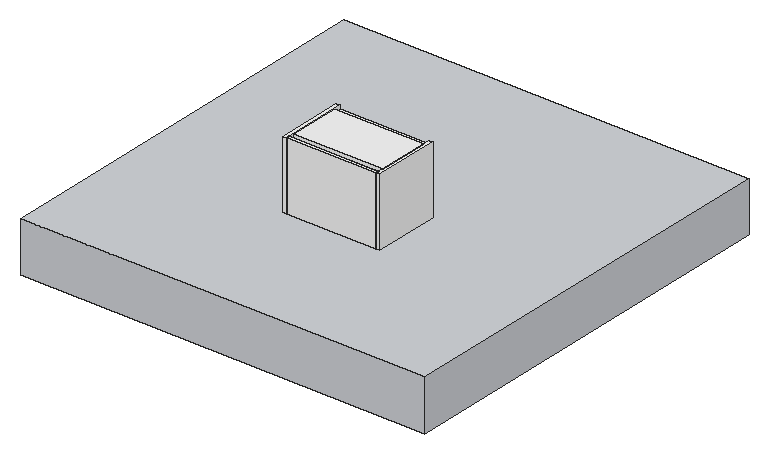
Revit family "IS_ConnectAir_E0847_BIM_DE", category Plumbing Fixtures, host Face, Revit 2014
Parameters (values of type "E0847B2 - Connect Air wall mounted washbasin unit with 1 drawer(Glossy White+Matt White)")
  WarrantyStartDate [instance] = "1900-12-31T23:59:59"
  WarrantyGuarantorParts = "n/a"
  WarrantyGuarantorLabor = "n/a"
  WarrantyDurationUnit = "year"
  WarrantyDurationParts = "n/a"
  WarrantyDurationLabor = "n/a"
  WarrantyDescription = "Manufacturers Warranty"
  VolumeUnits = "Litres"
  Version = "1"
  Uniclass2015Version = "Products v1.1"
  Uniclass2015Title = "Bathroom integrated furniture"
  Uniclass2015Code = "Pr_40_30_78_05"
  URL = "www.idealstandard.com"
  Type Comments = "n/a"
  TagNumber [instance] = "n/a"
  TMV3 = no
  SustainabilityPerformance = "n/a"
  SpareParts = "www.idealstandard.de/ersatzteile"
  Space = "Internal"
  Size = "585x412x400mm"
  Shape = "Rectangular"
  SerialNumber [instance] = "n/a"
  Revision = "n/a"
  ReplacementCost = "n/a"
  ProductInformation = "www.idealstandard.de/produkte"
  Phone = "+49228 5210"
  NominalWidth = 580 mm
  NominalLength = 409 mm
  NominalHeight = 400 mm
  NominalDepth = 0 mm
  NettWeight = "20,3 kg"
  Name = "BathroomIntegratedFurniture_ConnectAir_E0847B2_IdealStandard"
  NBSTypeID = "n/a"
  NBSReference = "45-35-72/320"
  NBSOfficeMasterTag = "n/a"
  NBSNote = "n/a"
  NBSDescription = "Bathroom integrated furniture"
  NBSCertification = "n/a"
  ModelReference = Description  # "E0847B2 Connect Air wall mounted washbasin unit with 1 drawer"
  ModelNumber = Model  # "E0847B2"
  ManufacturerURL = "www.idealstandard.com"
  MainColor = ISI_IdealStandard_Laminate_White_Render
  LinearUnits = "millimeters"
  Keynote = "n/a"
  InstallationInstructions = "www.idealstandard.de\\produkte"
  InstallationDate [instance] = "1900-12-31T23:59:59"
  InnerColor = ISI_IdealStandard_Laminate_White_Render
  IfcExportType = "FURNITURE"
  IfcExportAs = "IfcFurnitureType"
  Help = "idealstandard.de@idealstandard.com"
  GrossWeight = "0"
  Grade = "n/a"
  Finish = "Glossy White+Matt White"
  Features = "Connect Air wall mounted washbasin unit with 1 drawer"
  ExpectedLife = "25"
  DurationUnit = "year"
  CurrencyUnit = "n/a"
  CreatedOn = "2016-10-27"
  Constituents = "n/a"
  ConnectionType = "Mechanical"
  Color = "Glossy White+Matt White"
  CodePerformance = "n/a"
  Category = "Furniture"
  Reference = "n/a"
  Model = "E0847B2"
  Manufacturer = "idealstandard.de@idealstandard.com"
  Description = "E0847B2 Connect Air wall mounted washbasin unit with 1 drawer"
  Default Elevation = 800 mm
  Brand = "Ideal Standard"
  BarCode = "5017830520269"
  BIMObjectName = "ISI_IdealStandard_BathroomIntegratedFurniture_ConnectAir_E0847B2"
  Author = "Ideal Standard GmbH"
  AssetType = "Fixed"
  AssetIdentifier [instance] = "n/a"
  Assembly Code = "C1030200"
  AreaUnits = "millimeters"
  AreaMeasurement = "n/a"
  Accessories = "www.idealstandard.de\\ersatzteile"
  AccessibilityPerformance = "n/a"
Types (6, lengths in mm): name | Name | ModelReference | ModelNumber | MainColor | InnerColor | Finish | Color | Model | Description | BarCode | BIMObjectName
  E0847B2 - Connect Air wall mounted washbasin unit with 1 drawer(Glossy White+Matt White) | "BathroomIntegratedFurniture_ConnectAir_E0847B2_IdealStandard" | "E0847B2 Connect Air wall mounted washbasin unit with 1 drawer" | "E0847B2" | ISI_IdealStandard_Laminate_White_Render | ISI_IdealStandard_Laminate_White_Render | "Glossy White+Matt White" | "Glossy White+Matt White" | "E0847B2" | "E0847B2 Connect Air wall mounted washbasin unit with 1 drawer" | "5017830520269" | "ISI_IdealStandard_BathroomIntegratedFurniture_ConnectAir_E0847B2"
  E0847EQ - Connect Air wall mounted washbasin unit with 1 drawer(Glossy Light Grey+Matt White) | "BathroomIntegratedFurniture_ConnectAir_E0847EQ_IdealStandard" | "E0847EQ Connect Air wall mounted washbasin unit with 1 drawer" | "E0847EQ" | ISI_IdealStandard_Furniture_Grey_Render | ISI_IdealStandard_Laminate_White_Render | "Glossy Light Grey+Matt White" | "Glossy Light Grey+Matt White" | "E0847EQ" | "E0847EQ Connect Air wall mounted washbasin unit with 1 drawer" | "5017830520276" | "ISI_IdealStandard_BathroomIntegratedFurniture_ConnectAir_E0847EQ"
  E0847KN - Connect Air wall mounted washbasin unit with 1 drawer(Glossy White+Matt Light Grey) | "BathroomIntegratedFurniture_ConnectAir_E0847KN_IdealStandard" | "E0847KN Connect Air wall mounted washbasin unit with 1 drawer" | "E0847KN" | ISI_IdealStandard_Laminate_White_Render | ISI_IdealStandard_Furniture_Grey_Render | "Glossy White+Matt Light Grey" | "Glossy White+Matt Light Grey" | "E0847KN" | "E0847KN Connect Air wall mounted washbasin unit with 1 drawer" | "5017830520283" | "ISI_IdealStandard_BathroomIntegratedFurniture_ConnectAir_E0847KN"
  E0847PS - Connect Air wall mounted washbasin unit with 1 drawer(Wood Light Grey+Matt White) | "BathroomIntegratedFurniture_ConnectAir_E0847PS_IdealStandard" | "E0847PS Connect Air wall mounted washbasin unit with 1 drawer" | "E0847PS" | ISI_IdealStandard_Furniture_WoodLightGrey_Render | ISI_IdealStandard_Laminate_White_Render | "Wood Light Grey+Matt White" | "Wood Light Grey+Matt White" | "E0847PS" | "E0847PS Connect Air wall mounted washbasin unit with 1 drawer" | "5017830520290" | "ISI_IdealStandard_BathroomIntegratedFurniture_ConnectAir_E0847PS"
  E0847UK - Connect Air wall mounted washbasin unit with 1 drawer(Wood Light Brown+Matt Lt Brown) | "BathroomIntegratedFurniture_ConnectAir_E0847UK_IdealStandard" | "E0847UK Connect Air wall mounted washbasin unit with 1 drawer" | "E0847UK" | ISI_IdealStandard_Furniture_WoodLightBrown_Render | ISI_IdealStandard_Furniture_WoodLightBrown_Render | "Wood Light Brown+Matt Lt Brown" | "Wood Light Brown+Matt Lt Brown" | "E0847UK" | "E0847UK Connect Air wall mounted washbasin unit with 1 drawer" | "5017830520306" | "ISI_IdealStandard_BathroomIntegratedFurniture_ConnectAir_E0847UK"
  E0847VY - Connect Air wall mounted washbasin unit with 1 drawer(Matt Dark Brown+Matt White) | "BathroomIntegratedFurniture_ConnectAir_E0847VY_IdealStandard" | "E0847VY Connect Air wall mounted washbasin unit with 1 drawer" | "E0847VY" | ISI_IdealStandard_Furniture_DarkBrown_Render | ISI_IdealStandard_Laminate_White_Render | "Matt Dark Brown+Matt White" | "Matt Dark Brown+Matt White" | "E0847VY" | "E0847VY Connect Air wall mounted washbasin unit with 1 drawer" | "5017830520313" | "ISI_IdealStandard_BathroomIntegratedFurniture_ConnectAir_E0847VY"
Reference planes
  plane 1 "Center (Front/Back)": y = 0
  plane 2: z = 0
  plane 3 "Center (Left/Right)": x = 0
  plane 4: y = -400
  plane 5: z = 409
  plane 6: x = 290
  plane 7: x = -290
  plane 8: x = -270
  plane 9: x = 270
  plane 10: y = -380
  plane 11: z = 389
  plane 12: z = 369
  plane 13: y = -40
  plane 14: y = -350
Forms (mm)
  Extrusion 1, solid
    sketch origin (0, 0, 0) x (1, 0, 0) y (0, 1, 0)
      loop
        line (-1219.2, 1219.2) -> (-1219.2, -1219.2) -> (1219.2, -1219.2) -> (1219.2, 1219.2) -> (-1219.2, 1219.2)
    from 0 to -304.8
  Extrusion 2, solid, material "ISI_IdealStandard_Laminate_White_Render" <- "MainColor"
    sketch origin (-290, -4572, 0) x (0, 0, -1) y (0, -1, 0)
      loop
        line (0, -4572) -> (0, -4172) -> (-409, -4172) -> (-409, -4572) -> (0, -4572)
    from 0 to -20
  Extrusion 3, solid, material "ISI_IdealStandard_Laminate_White_Render" <- "MainColor"
    sketch origin (290, -4572, 0) x (0, 0, -1) y (0, 1, 0)
      loop
        line (0, 4572) -> (-409, 4572) -> (-409, 4172) -> (0, 4172) -> (0, 4572)
    from 0 to -20
  Extrusion 4, solid, material "ISI_IdealStandard_Laminate_White_Render" <- "MainColor"
    sketch origin (-290, -400, 0) x (0, 0, 1) y (-1, 0, 0)
      loop
        line (0, -560) -> (409, -560) -> (409, -20) -> (0, -20) -> (0, -560)
    from 0 to -20
  Extrusion 5, solid, material "ISI_IdealStandard_Laminate_White_Render" <- "InnerColor"
    sketch origin (0, -380, 389) x (-1, 0, 0) y (0, 1, 0)
      loop
        line (270, 0) -> (270, 380) -> (-270, 380) -> (-270, 0) -> (270, 0)
    from 0 to 20
  Extrusion 6, solid, material "ISI_IdealStandard_Laminate_White_Render" <- "MainColor"
    sketch origin (0, -380, 389) x (-1, 0, 0) y (0, -1, 0)
      loop
        line (270, -30) -> (-270, -30) -> (-270, -340) -> (270, -340) -> (270, -30)
    from 0 to 20
Dimensions and locks
  "NominalHeight": plane 1 "Center (Front/Back)" to Extrusion 2
  "NominalLength": Extrusion 2 to Extrusion 1
  "NominalWidth": Extrusion 2 to Extrusion 3
  aligned and locked: plane 2 to Extrusion 1
  aligned and locked: level to Extrusion 1
  aligned and locked: Extrusion 2 sketch curve to Extrusion 1
  aligned and locked: Extrusion 2 sketch curve to plane 1 "Center (Front/Back)"
  aligned and locked: Extrusion 2 sketch curve to plane 5
  aligned and locked: Extrusion 2 sketch curve to plane 4
  aligned and locked: Extrusion 2 to plane 8
  aligned and locked: Extrusion 3 to Extrusion 4 sketch curve
  aligned and locked: Extrusion 4 sketch curve to plane 9
  aligned and locked: Extrusion 4 sketch curve to Extrusion 2
  aligned and locked: Extrusion 4 sketch curve to plane 8
  aligned and locked: Extrusion 4 to plane 10
  aligned and locked: Extrusion 5 sketch curve to Extrusion 4  (x2)
  aligned and locked: Extrusion 3 to Extrusion 5 sketch curve  (x2)
  aligned and locked: Extrusion 5 to plane 12
  aligned and locked: Extrusion 6 sketch curve to plane 14
  aligned and locked: plane 8 to Extrusion 6 sketch curve
  aligned and locked: Extrusion 6 sketch curve to plane 13
  aligned and locked: Extrusion 6 sketch curve to plane 9
Automatic sketch dimensions
  Extrusion 1 sketch curve to Extrusion 1 sketch curve = 2438.4 mm  (x2)
  Extrusion 3 sketch curve to plane 1 "Center (Front/Back)" = 0 mm
  Extrusion 3 sketch curve to plane 5 = 0 mm
  Extrusion 3 sketch curve to level = 0 mm
  Extrusion 3 sketch curve to plane 4 = 0 mm
